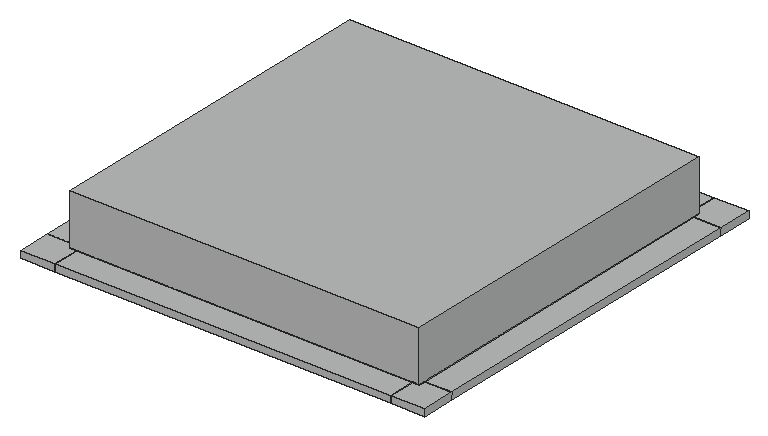
Revit family "ALUMOGIPS", category Осветительные приборы, Revit 2019 (continued)
Types (72, lengths in mm): name | Файл фотометрической сетки | built-in parameter 1150105 | Lumens | built-in parameter 1150106 | built-in parameter 1150142 | Wattage | Emit from Rectangle Width | Emit from Rectangle Length | Длина | Материал светильника | Ширина | ADSK_Ток | ADSK_Полная мощность | ADSK_Обозначение | ADSK_Номинальная мощность | ADSK_Наименование | ADSK_Масса | ADSK_Код изделия
  Alumogips-38/opal-sand 595х595 (IP40, 4000К, белый) c БАП на 1 час | "Светильник ALUMOGIPS-38 OPAL-SAND-(595x595).IES" | 302.39 (stored number, unit not read) | 3800 lm | 3.0239 (stored number, unit not read) | "IESNA:LM-63-95\r\n[TEST] Протокол № 50-12 \r\n[DATA] 20.06.2016\r\n[MORE] \r\n[MANUFAC] ЗАО \"Центрстройсвет\"\r\n[LUMCAT]  Светильник ALUMOGIPS-38/OPAL-SAND-(595x595)\r\n[LUMINAIRE]\r\n[LAMPCAT] Светодиоды\r\n[LAMP] Поток источника света (светодиодов) не известен\r\n[MORE] КСС приведена в абсолютных величинах кд\r\n[MORE] Вместо потока лампы, указан поток светильника.\r\nTILT=NONE\r\n1    3750 1.0 37 73 1 2 0.595 0.595 0.04\r\n1.0 1.0 38.7\r\n0.0 5.0 10.0 15.0 20.0 25.0 30.0 35.0 40.0 45.0 50.0 55.0 60.0 65.0 70.0 75.0 80.0 85.0 90.0 95.0 100.0 105.0 110.0 115.0 120.0 125.0 130.0 135.0 140.0 145.0 150.0 155.0 160.0 165.0 170.0 175.0 180.0\r\n0.0 5.0 10.0 15.0 20.0 25.0 30.0 35.0 40.0 45.0 50.0 55.0 60.0 65.0 70.0 75.0 80.0 85.0 90.0 95.0 100.0 105.0 110.0 115.0 120.0 125.0 130.0 135.0 140.0 145.0 150.0 155.0 160.0 165.0 170.0 175.0 180.0 185.0 190.0 195.0 200.0 205.0 210.0 215.0 220.0 225.0 230.0 235.0 240.0 245.0 250.0 255.0 260.0 265.0 270.0 275.0 280.0 285.0 290.0 295.0 300.0 305.0 310.0 315.0 320.0 325.0 330.0 335.0 340.0 345.0 350.0 355.0 360.0\r\n1391.4 1390.6 1365.7 1330.6 1277.5 1214.9 1147.5 1059.6 967.6 873.2 772.4 664.9 556.3 449.1 342.7 240.6 147.1 64.2 4.7 0.0 0.0 0.0 0.0 0.0 0.0 0.0 0.0 0.0 0.0 0.0 0.0 0.0 0.0 0.0 0.0 0.0 0.0\r\n1391.4 1390.5 1367.8 1332.7 1284.3 1221.3 1147.0 1062.1 969.2 872.4 773.2 666.3 557.1 450.1 343.8 241.9 146.9 64.7 5.2 0.0 0.0 0.0 0.0 0.0 0.0 0.0 0.0 0.0 0.0 0.0 0.0 0.0 0.0 0.0 0.0 0.0 0.0\r\n1391.4 1390.2 1372.0 1333.3 1277.3 1216.8 1144.5 1057.4 969.6 875.1 773.8 669.5 560.0 454.6 345.8 242.4 148.5 65.8 5.4 0.0 0.0 0.0 0.0 0.0 0.0 0.0 0.0 0.0 0.0 0.0 0.0 0.0 0.0 0.0 0.0 0.0 0.0\r\n1391.4 1389.8 1371.2 1330.7 1279.5 1220.5 1148.3 1059.9 967.7 873.2 767.5 666.8 561.4 453.0 347.1 243.7 149.9 65.6 5.8 0.0 0.0 0.0 0.0 0.0 0.0 0.0 0.0 0.0 0.0 0.0 0.0 0.0 0.0 0.0 0.0 0.0 0.0\r\n1391.4 1389.8 1368.3 1329.3 1285.0 1214.6 1141.1 1058.7 971.8 871.3 775.2 666.9 559.4 452.6 345.8 242.5 150.0 65.8 6.1 0.0 0.0 0.0 0.0 0.0 0.0 0.0 0.0 0.0 0.0 0.0 0.0 0.0 0.0 0.0 0.0 0.0 0.0\r\n1391.4 1390.5 1367.3 1332.3 1281.7 1219.0 1142.8 1064.6 970.5 874.4 772.1 667.5 560.2 453.0 346.2 241.8 149.4 65.7 5.6 0.0 0.0 0.0 0.0 0.0 0.0 0.0 0.0 0.0 0.0 0.0 0.0 0.0 0.0 0.0 0.0 0.0 0.0\r\n1391.4 1391.4 1368.1 1333.5 1277.3 1215.7 1139.0 1059.6 968.1 872.4 771.6 667.4 558.8 453.3 344.3 243.9 148.4 65.7 5.4 0.0 0.0 0.0 0.0 0.0 0.0 0.0 0.0 0.0 0.0 0.0 0.0 0.0 0.0 0.0 0.0 0.0 0.0\r\n1391.4 1391.7 1368.1 1330.4 1278.2 1213.9 1142.4 1061.6 967.4 875.1 772.0 669.3 561.1 452.5 345.2 242.1 148.3 65.4 5.5 0.0 0.0 0.0 0.0 0.0 0.0 0.0 0.0 0.0 0.0 0.0 0.0 0.0 0.0 0.0 0.0 0.0 0.0\r\n1391.4 1391.5 1371.0 1328.4 1278.5 1216.7 1142.1 1061.2 971.8 874.7 772.1 668.9 560.8 452.9 345.4 243.3 147.7 66.0 5.4 0.0 0.0 0.0 0.0 0.0 0.0 0.0 0.0 0.0 0.0 0.0 0.0 0.0 0.0 0.0 0.0 0.0 0.0\r\n1391.4 1391.5 1373.2 1330.5 1277.3 1215.5 1143.2 1063.6 967.0 872.7 772.2 669.4 558.9 453.2 346.6 241.9 148.1 65.2 5.5 0.0 0.0 0.0 0.0 0.0 0.0 0.0 0.0 0.0 0.0 0.0 0.0 0.0 0.0 0.0 0.0 0.0 0.0\r\n1391.4 1391.4 1369.7 1328.3 1281.3 1216.0 1139.8 1057.9 968.7 875.3 773.9 667.6 561.8 454.0 344.0 243.1 147.2 65.6 5.5 0.0 0.0 0.0 0.0 0.0 0.0 0.0 0.0 0.0 0.0 0.0 0.0 0.0 0.0 0.0 0.0 0.0 0.0\r\n1391.4 1390.5 1367.9 1330.1 1278.1 1218.1 1138.9 1061.0 970.0 871.8 770.4 669.3 560.2 453.4 346.9 242.1 148.3 65.2 5.2 0.0 0.0 0.0 0.0 0.0 0.0 0.0 0.0 0.0 0.0 0.0 0.0 0.0 0.0 0.0 0.0 0.0 0.0\r\n1391.4 1389.3 1368.2 1329.1 1280.8 1214.4 1142.5 1059.2 967.2 874.3 772.4 668.0 563.1 452.3 345.7 242.8 146.8 64.9 5.1 0.0 0.0 0.0 0.0 0.0 0.0 0.0 0.0 0.0 0.0 0.0 0.0 0.0 0.0 0.0 0.0 0.0 0.0\r\n1391.4 1388.6 1367.4 1327.8 1278.0 1215.7 1141.0 1061.0 971.5 877.3 771.2 667.3 561.5 453.0 346.4 242.4 146.3 64.8 5.2 0.0 0.0 0.0 0.0 0.0 0.0 0.0 0.0 0.0 0.0 0.0 0.0 0.0 0.0 0.0 0.0 0.0 0.0\r\n1391.4 1388.0 1367.6 1326.7 1278.3 1218.0 1140.9 1061.5 968.4 873.4 770.1 666.6 562.1 454.6 344.8 241.8 146.4 64.0 5.5 0.0 0.0 0.0 0.0 0.0 0.0 0.0 0.0 0.0 0.0 0.0 0.0 0.0 0.0 0.0 0.0 0.0 0.0\r\n1391.4 1387.2 1366.1 1331.0 1281.4 1216.3 1142.7 1059.1 969.4 871.5 772.2 667.3 560.5 453.0 344.4 242.2 146.4 63.8 5.6 0.0 0.0 0.0 0.0 0.0 0.0 0.0 0.0 0.0 0.0 0.0 0.0 0.0 0.0 0.0 0.0 0.0 0.0\r\n1391.4 1387.1 1366.3 1328.7 1276.9 1214.5 1141.2 1059.3 968.4 874.3 775.5 668.3 562.5 454.9 346.4 241.3 146.2 63.5 5.7 0.0 0.0 0.0 0.0 0.0 0.0 0.0 0.0 0.0 0.0 0.0 0.0 0.0 0.0 0.0 0.0 0.0 0.0\r\n1391.4 1388.4 1366.0 1329.7 1279.2 1217.9 1140.0 1060.5 969.0 873.9 772.0 671.3 560.4 453.2 343.7 241.7 145.8 63.7 5.4 0.0 0.0 0.0 0.0 0.0 0.0 0.0 0.0 0.0 0.0 0.0 0.0 0.0 0.0 0.0 0.0 0.0 0.0\r\n1391.4 1389.6 1367.7 1329.3 1277.2 1211.1 1140.1 1061.0 971.0 871.2 769.2 669.1 561.5 453.1 343.3 241.9 145.8 63.4 5.2 0.0 0.0 0.0 0.0 0.0 0.0 0.0 0.0 0.0 0.0 0.0 0.0 0.0 0.0 0.0 0.0 0.0 0.0\r\n1391.4 1388.8 1366.9 1327.1 1279.4 1214.2 1142.5 1056.4 970.7 870.3 771.0 665.1 560.4 453.3 343.8 241.1 145.7 63.4 5.2 0.0 0.0 0.0 0.0 0.0 0.0 0.0 0.0 0.0 0.0 0.0 0.0 0.0 0.0 0.0 0.0 0.0 0.0\r\n1391.4 1387.2 1365.8 1328.9 1276.6 1210.2 1141.4 1059.3 966.6 871.4 770.5 667.4 559.2 451.4 344.2 241.0 145.6 63.2 5.1 0.0 0.0 0.0 0.0 0.0 0.0 0.0 0.0 0.0 0.0 0.0 0.0 0.0 0.0 0.0 0.0 0.0 0.0\r\n1391.4 1386.8 1364.4 1329.8 1279.4 1213.7 1144.0 1059.0 965.3 873.7 768.8 668.9 559.4 449.5 342.6 241.5 144.6 63.4 5.0 0.0 0.0 0.0 0.0 0.0 0.0 0.0 0.0 0.0 0.0 0.0 0.0 0.0 0.0 0.0 0.0 0.0 0.0\r\n1391.4 1388.1 1365.8 1328.1 1273.8 1213.4 1137.9 1059.2 967.3 869.2 769.3 667.7 558.4 451.4 344.0 240.6 145.7 63.4 4.9 0.0 0.0 0.0 0.0 0.0 0.0 0.0 0.0 0.0 0.0 0.0 0.0 0.0 0.0 0.0 0.0 0.0 0.0\r\n1391.4 1389.2 1364.4 1323.2 1276.3 1213.8 1137.6 1055.3 963.1 871.0 767.7 664.1 559.7 447.1 342.4 240.1 145.2 63.9 5.1 0.0 0.0 0.0 0.0 0.0 0.0 0.0 0.0 0.0 0.0 0.0 0.0 0.0 0.0 0.0 0.0 0.0 0.0\r\n1391.4 1388.4 1362.3 1326.8 1274.4 1212.2 1137.9 1054.7 966.7 867.9 768.7 663.4 557.3 449.2 343.3 240.0 145.7 63.6 5.0 0.0 0.0 0.0 0.0 0.0 0.0 0.0 0.0 0.0 0.0 0.0 0.0 0.0 0.0 0.0 0.0 0.0 0.0\r\n1391.4 1386.2 1361.8 1326.5 1273.3 1211.2 1134.5 1048.6 964.3 866.3 767.8 662.9 556.7 449.5 341.9 239.8 145.7 63.7 5.0 0.0 0.0 0.0 0.0 0.0 0.0 0.0 0.0 0.0 0.0 0.0 0.0 0.0 0.0 0.0 0.0 0.0 0.0\r\n1391.4 1384.4 1363.5 1324.4 1272.0 1209.5 1137.2 1053.0 960.2 867.5 767.9 662.7 556.7 449.2 342.5 239.1 146.2 63.8 4.8 0.0 0.0 0.0 0.0 0.0 0.0 0.0 0.0 0.0 0.0 0.0 0.0 0.0 0.0 0.0 0.0 0.0 0.0\r\n1391.4 1383.7 1362.4 1324.4 1274.0 1209.5 1134.4 1050.1 965.4 864.9 764.6 662.3 556.6 447.9 340.5 240.3 145.5 64.6 4.6 0.0 0.0 0.0 0.0 0.0 0.0 0.0 0.0 0.0 0.0 0.0 0.0 0.0 0.0 0.0 0.0 0.0 0.0\r\n1391.4 1384.4 1361.9 1326.9 1270.2 1207.3 1132.7 1050.1 959.7 867.7 763.1 662.2 555.0 447.3 343.0 238.3 145.8 63.9 4.7 0.0 0.0 0.0 0.0 0.0 0.0 0.0 0.0 0.0 0.0 0.0 0.0 0.0 0.0 0.0 0.0 0.0 0.0\r\n1391.4 1385.1 1363.0 1320.0 1270.4 1207.9 1134.4 1055.0 963.5 867.3 766.7 660.7 555.9 450.1 342.6 240.2 145.9 64.3 4.9 0.0 0.0 0.0 0.0 0.0 0.0 0.0 0.0 0.0 0.0 0.0 0.0 0.0 0.0 0.0 0.0 0.0 0.0\r\n1391.4 1384.9 1362.3 1321.4 1273.1 1208.0 1135.4 1052.3 961.9 865.0 764.0 660.8 553.5 447.6 341.2 240.3 146.1 63.8 4.8 0.0 0.0 0.0 0.0 0.0 0.0 0.0 0.0 0.0 0.0 0.0 0.0 0.0 0.0 0.0 0.0 0.0 0.0\r\n1391.4 1383.8 1361.2 1322.1 1265.1 1211.5 1132.8 1049.3 961.3 863.4 764.0 661.0 550.7 447.9 341.0 240.1 146.2 63.8 4.6 0.0 0.0 0.0 0.0 0.0 0.0 0.0 0.0 0.0 0.0 0.0 0.0 0.0 0.0 0.0 0.0 0.0 0.0\r\n1391.4 1382.8 1359.3 1321.5 1269.3 1206.8 1132.8 1051.1 958.3 863.2 763.1 662.7 553.4 448.0 340.4 240.0 145.8 63.8 4.0 0.0 0.0 0.0 0.0 0.0 0.0 0.0 0.0 0.0 0.0 0.0 0.0 0.0 0.0 0.0 0.0 0.0 0.0\r\n1391.4 1382.6 1359.0 1319.6 1268.1 1204.3 1129.8 1049.0 957.7 861.8 761.7 658.4 554.2 446.1 340.4 239.0 145.6 63.8 3.8 0.0 0.0 0.0 0.0 0.0 0.0 0.0 0.0 0.0 0.0 0.0 0.0 0.0 0.0 0.0 0.0 0.0 0.0\r\n1391.4 1382.8 1358.5 1315.8 1266.5 1202.1 1128.5 1049.2 957.6 860.0 762.1 658.2 549.9 443.8 339.6 238.4 145.7 63.6 3.7 0.0 0.0 0.0 0.0 0.0 0.0 0.0 0.0 0.0 0.0 0.0 0.0 0.0 0.0 0.0 0.0 0.0 0.0\r\n1391.4 1382.2 1360.5 1319.2 1265.9 1204.5 1129.9 1046.9 955.0 862.9 758.9 657.9 552.5 444.9 338.9 238.8 145.3 63.6 3.3 0.0 0.0 0.0 0.0 0.0 0.0 0.0 0.0 0.0 0.0 0.0 0.0 0.0 0.0 0.0 0.0 0.0 0.0\r\n1391.4 1381.1 1361.2 1321.0 1268.1 1203.8 1128.8 1047.4 955.6 863.7 761.1 656.4 551.5 445.2 339.2 238.5 144.7 62.5 3.5 0.0 0.0 0.0 0.0 0.0 0.0 0.0 0.0 0.0 0.0 0.0 0.0 0.0 0.0 0.0 0.0 0.0 0.0\r\n1391.4 1380.6 1359.0 1316.4 1268.5 1204.0 1126.1 1049.5 956.2 859.6 759.7 656.5 549.2 444.3 338.4 236.1 143.8 61.6 3.2 0.0 0.0 0.0 0.0 0.0 0.0 0.0 0.0 0.0 0.0 0.0 0.0 0.0 0.0 0.0 0.0 0.0 0.0\r\n1391.4 1380.7 1356.6 1316.0 1267.0 1205.6 1130.3 1044.8 956.9 856.7 759.3 653.5 548.1 441.9 335.3 235.4 141.4 60.3 2.9 0.0 0.0 0.0 0.0 0.0 0.0 0.0 0.0 0.0 0.0 0.0 0.0 0.0 0.0 0.0 0.0 0.0 0.0\r\n1391.4 1380.4 1354.4 1317.9 1268.8 1199.0 1129.0 1044.0 956.9 860.6 758.3 656.9 549.1 442.0 334.4 236.1 141.7 60.5 2.6 0.0 0.0 0.0 0.0 0.0 0.0 0.0 0.0 0.0 0.0 0.0 0.0 0.0 0.0 0.0 0.0 0.0 0.0\r\n1391.4 1380.1 1356.7 1322.1 1264.6 1201.7 1129.9 1047.4 957.2 859.7 758.2 656.1 549.4 442.8 335.3 235.8 141.3 60.6 2.3 0.0 0.0 0.0 0.0 0.0 0.0 0.0 0.0 0.0 0.0 0.0 0.0 0.0 0.0 0.0 0.0 0.0 0.0\r\n1391.4 1379.9 1357.3 1317.5 1265.9 1207.8 1129.2 1046.5 955.7 860.2 758.6 656.9 550.7 441.9 335.4 233.9 140.6 60.2 2.4 0.0 0.0 0.0 0.0 0.0 0.0 0.0 0.0 0.0 0.0 0.0 0.0 0.0 0.0 0.0 0.0 0.0 0.0\r\n1391.4 1379.2 1355.5 1314.6 1269.3 1203.7 1133.5 1044.8 957.2 857.9 762.0 656.6 548.7 440.4 335.9 234.5 140.4 59.8 2.8 0.0 0.0 0.0 0.0 0.0 0.0 0.0 0.0 0.0 0.0 0.0 0.0 0.0 0.0 0.0 0.0 0.0 0.0\r\n1391.4 1377.9 1357.1 1319.2 1271.9 1204.4 1128.6 1050.2 953.1 856.9 757.6 653.7 548.9 439.9 335.4 232.4 140.5 59.2 3.0 0.0 0.0 0.0 0.0 0.0 0.0 0.0 0.0 0.0 0.0 0.0 0.0 0.0 0.0 0.0 0.0 0.0 0.0\r\n1391.4 1377.2 1356.3 1322.9 1266.0 1204.8 1132.2 1049.0 958.1 859.3 759.0 654.6 547.0 441.6 334.9 232.1 139.3 58.8 2.9 0.0 0.0 0.0 0.0 0.0 0.0 0.0 0.0 0.0 0.0 0.0 0.0 0.0 0.0 0.0 0.0 0.0 0.0\r\n1391.4 1377.8 1353.8 1319.7 1269.6 1207.9 1135.8 1049.5 955.8 858.0 762.4 655.9 548.2 441.6 335.6 231.7 139.4 58.8 2.8 0.0 0.0 0.0 0.0 0.0 0.0 0.0 0.0 0.0 0.0 0.0 0.0 0.0 0.0 0.0 0.0 0.0 0.0\r\n1391.4 1378.5 1355.2 1319.8 1267.3 1206.5 1131.2 1046.1 954.6 861.2 756.6 653.8 548.1 440.3 335.0 232.6 138.6 59.0 2.9 0.0 0.0 0.0 0.0 0.0 0.0 0.0 0.0 0.0 0.0 0.0 0.0 0.0 0.0 0.0 0.0 0.0 0.0\r\n1391.4 1378.6 1355.1 1318.3 1269.7 1200.8 1133.1 1049.0 957.6 862.5 762.4 656.9 549.3 443.5 334.7 231.2 138.8 58.1 3.0 0.0 0.0 0.0 0.0 0.0 0.0 0.0 0.0 0.0 0.0 0.0 0.0 0.0 0.0 0.0 0.0 0.0 0.0\r\n1391.4 1378.8 1355.8 1321.7 1268.8 1210.0 1129.0 1048.5 958.8 862.4 762.2 656.4 549.0 441.1 335.4 231.5 138.5 58.1 3.0 0.0 0.0 0.0 0.0 0.0 0.0 0.0 0.0 0.0 0.0 0.0 0.0 0.0 0.0 0.0 0.0 0.0 0.0\r\n1391.4 1379.6 1357.6 1321.7 1269.0 1207.1 1133.9 1047.0 964.1 863.3 761.9 656.4 551.5 440.7 334.9 232.2 137.6 58.1 2.8 0.0 0.0 0.0 0.0 0.0 0.0 0.0 0.0 0.0 0.0 0.0 0.0 0.0 0.0 0.0 0.0 0.0 0.0\r\n1391.4 1380.6 1357.7 1319.2 1272.0 1207.5 1131.3 1054.6 959.0 863.3 764.8 655.9 549.1 443.0 335.1 231.3 138.0 58.1 2.7 0.0 0.0 0.0 0.0 0.0 0.0 0.0 0.0 0.0 0.0 0.0 0.0 0.0 0.0 0.0 0.0 0.0 0.0\r\n1391.4 1381.5 1358.5 1321.9 1271.0 1204.1 1135.9 1055.8 962.5 865.5 761.1 656.9 550.6 442.0 335.3 231.9 137.4 57.9 2.6 0.0 0.0 0.0 0.0 0.0 0.0 0.0 0.0 0.0 0.0 0.0 0.0 0.0 0.0 0.0 0.0 0.0 0.0\r\n1391.4 1381.3 1358.5 1322.3 1270.8 1207.2 1133.7 1051.9 958.0 867.3 767.5 657.0 552.1 442.3 333.6 231.2 137.9 57.8 2.6 0.0 0.0 0.0 0.0 0.0 0.0 0.0 0.0 0.0 0.0 0.0 0.0 0.0 0.0 0.0 0.0 0.0 0.0\r\n1391.4 1380.6 1359.4 1319.7 1270.6 1209.0 1133.0 1052.1 963.9 867.5 764.1 660.0 554.0 443.3 334.8 231.7 137.6 57.8 2.7 0.0 0.0 0.0 0.0 0.0 0.0 0.0 0.0 0.0 0.0 0.0 0.0 0.0 0.0 0.0 0.0 0.0 0.0\r\n1391.4 1381.3 1359.9 1321.3 1270.6 1204.8 1135.0 1051.3 962.1 865.5 761.7 660.3 553.1 443.5 334.1 231.9 137.9 57.8 2.8 0.0 0.0 0.0 0.0 0.0 0.0 0.0 0.0 0.0 0.0 0.0 0.0 0.0 0.0 0.0 0.0 0.0 0.0\r\n1391.4 1383.1 1362.1 1324.8 1273.8 1208.7 1134.8 1055.9 961.8 866.4 762.3 659.7 552.4 443.7 334.4 232.8 138.0 58.0 2.8 0.0 0.0 0.0 0.0 0.0 0.0 0.0 0.0 0.0 0.0 0.0 0.0 0.0 0.0 0.0 0.0 0.0 0.0\r\n1391.4 1384.6 1360.4 1321.7 1272.0 1210.6 1130.9 1052.5 963.1 866.7 767.4 659.3 553.7 444.6 335.4 233.1 138.3 58.0 2.8 0.0 0.0 0.0 0.0 0.0 0.0 0.0 0.0 0.0 0.0 0.0 0.0 0.0 0.0 0.0 0.0 0.0 0.0\r\n1391.4 1385.6 1357.5 1324.7 1273.9 1211.6 1134.3 1052.7 963.6 865.4 763.1 658.7 552.2 444.9 336.9 232.8 138.8 58.6 2.9 0.0 0.0 0.0 0.0 0.0 0.0 0.0 0.0 0.0 0.0 0.0 0.0 0.0 0.0 0.0 0.0 0.0 0.0\r\n1391.4 1386.4 1357.8 1323.4 1273.2 1212.2 1136.3 1054.7 967.5 867.5 764.0 659.4 553.3 443.7 336.8 233.2 138.9 58.5 3.1 0.0 0.0 0.0 0.0 0.0 0.0 0.0 0.0 0.0 0.0 0.0 0.0 0.0 0.0 0.0 0.0 0.0 0.0\r\n1391.4 1386.6 1362.0 1324.9 1273.2 1211.3 1139.0 1049.9 960.3 866.4 768.0 661.3 552.2 443.4 336.3 233.4 139.8 58.9 3.1 0.0 0.0 0.0 0.0 0.0 0.0 0.0 0.0 0.0 0.0 0.0 0.0 0.0 0.0 0.0 0.0 0.0 0.0\r\n1391.4 1386.0 1360.5 1326.0 1271.8 1212.0 1137.2 1059.3 963.5 867.6 766.9 661.2 552.3 445.8 337.8 233.6 141.0 59.2 3.3 0.0 0.0 0.0 0.0 0.0 0.0 0.0 0.0 0.0 0.0 0.0 0.0 0.0 0.0 0.0 0.0 0.0 0.0\r\n1391.4 1385.0 1362.3 1325.1 1272.0 1207.1 1138.5 1053.6 964.5 865.8 766.5 661.6 554.3 445.9 337.0 234.5 140.4 60.2 3.5 0.0 0.0 0.0 0.0 0.0 0.0 0.0 0.0 0.0 0.0 0.0 0.0 0.0 0.0 0.0 0.0 0.0 0.0\r\n1391.4 1384.4 1361.8 1323.6 1274.0 1214.8 1138.9 1053.9 968.0 867.9 769.0 663.8 555.6 446.7 339.6 235.0 141.3 60.4 3.4 0.0 0.0 0.0 0.0 0.0 0.0 0.0 0.0 0.0 0.0 0.0 0.0 0.0 0.0 0.0 0.0 0.0 0.0\r\n1391.4 1385.0 1360.9 1322.2 1272.4 1209.8 1137.2 1055.7 962.7 869.7 769.6 658.2 556.6 447.4 338.5 236.2 142.5 60.7 3.4 0.0 0.0 0.0 0.0 0.0 0.0 0.0 0.0 0.0 0.0 0.0 0.0 0.0 0.0 0.0 0.0 0.0 0.0\r\n1391.4 1386.6 1363.1 1323.6 1272.5 1211.5 1139.2 1058.4 969.9 868.0 768.8 664.6 556.3 445.8 342.1 236.1 142.3 61.2 3.5 0.0 0.0 0.0 0.0 0.0 0.0 0.0 0.0 0.0 0.0 0.0 0.0 0.0 0.0 0.0 0.0 0.0 0.0\r\n1391.4 1388.6 1360.9 1330.2 1273.7 1213.2 1138.7 1058.3 966.2 867.0 766.8 663.4 553.3 447.1 339.2 238.7 143.0 61.4 3.8 0.0 0.0 0.0 0.0 0.0 0.0 0.0 0.0 0.0 0.0 0.0 0.0 0.0 0.0 0.0 0.0 0.0 0.0\r\n1391.4 1389.8 1360.8 1328.4 1276.8 1216.0 1140.1 1055.8 963.1 870.3 768.4 663.1 554.0 449.1 340.1 237.3 144.8 61.7 3.8 0.0 0.0 0.0 0.0 0.0 0.0 0.0 0.0 0.0 0.0 0.0 0.0 0.0 0.0 0.0 0.0 0.0 0.0\r\n1391.4 1389.3 1362.5 1325.9 1278.0 1210.4 1138.2 1054.7 967.8 872.7 770.2 661.9 556.5 446.9 341.3 237.7 144.4 62.5 3.9 0.0 0.0 0.0 0.0 0.0 0.0 0.0 0.0 0.0 0.0 0.0 0.0 0.0 0.0 0.0 0.0 0.0 0.0\r\n1391.4 1387.8 1365.8 1326.6 1274.3 1213.2 1141.4 1053.1 966.2 871.2 768.4 663.7 555.0 447.1 341.3 238.2 144.3 62.7 4.1 0.0 0.0 0.0 0.0 0.0 0.0 0.0 0.0 0.0 0.0 0.0 0.0 0.0 0.0 0.0 0.0 0.0 0.0\r\n1391.4 1387.2 1364.2 1328.3 1274.8 1209.4 1145.0 1060.0 963.9 867.5 766.5 663.4 556.7 448.2 340.9 240.3 144.7 63.3 4.0 0.0 0.0 0.0 0.0 0.0 0.0 0.0 0.0 0.0 0.0 0.0 0.0 0.0 0.0 0.0 0.0 0.0 0.0\r\n1391.4 1388.4 1364.9 1332.6 1279.0 1215.6 1140.9 1056.3 969.3 867.1 770.0 663.8 559.0 449.0 342.4 240.3 145.7 63.3 4.7 0.0 0.0 0.0 0.0 0.0 0.0 0.0 0.0 0.0 0.0 0.0 0.0 0.0 0.0 0.0 0.0 0.0 0.0\r\n1391.4 1390.0 1364.5 1329.3 1281.4 1217.7 1141.3 1063.3 970.3 871.1 768.8 663.5 555.2 449.3 342.4 239.8 146.6 63.3 4.9 0.0 0.0 0.0 0.0 0.0 0.0 0.0 0.0 0.0 0.0 0.0 0.0 0.0 0.0 0.0 0.0 0.0 0.0\r\n1391.4 1390.6 1365.7 1330.6 1277.5 1214.9 1147.5 1059.6 967.6 873.2 772.4 664.9 556.3 449.1 342.7 240.6 147.1 64.2 4.7 0.0 0.0 0.0 0.0 0.0 0.0 0.0 0.0 0.0 0.0 0.0 0.0 0.0 0.0 0.0 0.0 0.0 0.0\r\n" | 25.582 W | 575 | 575 | 595 | RAL 9001 | 595 | 0.179584 A | 41.3043 VA | "Alumogips-38/opal-sand 595х595 (IP40, 4000К, белый)" | 38 W | "Встраиваемый светодиодный светильник Alumogips-38/opal-sand 595х595 (IP40, 4000К, белый) c БАП на 1 час" | 2.4 | "ЦБ0000
    08022"
